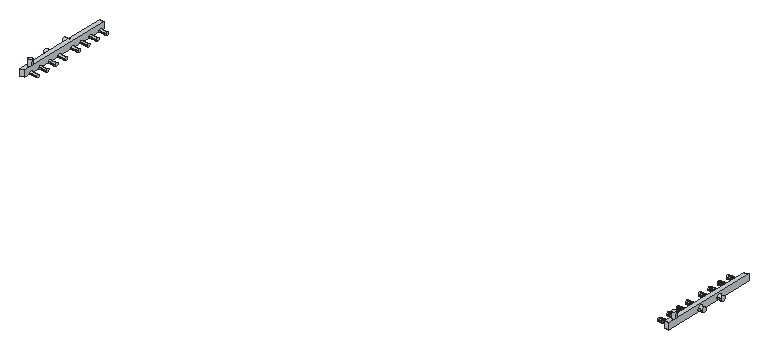
Revit family "INFRA_AQUA_ECO_CONNECTOR_TYPE_2", category Mechanical Equipment, Revit 2015
Parameters (values of type "Type 2 L=4000")
  URL = "http://www.markclimate.co.uk/radiant-heating/water-supplied/infra-aqua-eco/"
  Type_index = 8
  Thickness = 30 mm
  Width = 636 mm
  Pressure_loss = 0.0 psi
  Medium_overtemp_num [instance] = Average_water_temperature °C - Area_temperature °C  # 32
  Manufacturer = "MARK Climate Technology"  # constant formula
  Lookup_table_name [instance] = "Warmteafgiftetabel"  # constant formula
  Length = 4000 mm
  K [instance] = Average_water_temperature °C - Area_temperature °C  # 32
  Height = 40 mm
  Heating_output_num [instance] = size_lookup(Lookup_table_name, "PHR2", 0, Medium_overtemp_num)  # 209.2
  Heating_output [instance] = Length / 1000 mm * Heating_output_num * 1 W  # 836.8 W
  Flow = Type_index * 0.04 L/s  # 0.32 L/s
  Drain_point [instance] = yes
  Description = "Connector type 2"  # constant formula
  Average_water_temperature °C [instance] = 54
  Area_temperature °C [instance] = 22
Types (3, lengths in mm): name | Medium_overtemp_num | Length | K | Heating_output_num | Heating_output | Area_temperature °C
  (no name) | 32 | 4000 | 32 | 209.2 | 836.8 W | 22
  Type 2 L=4000 | 32 | 4000 | 32 | 209.2 | 836.8 W | 22
  Type 2 L=6000 | 36 | 6000 | 36 | 240 | 1440 W | 18
Reference planes
  plane 1 "Center (Front/Back)": y = 0
  plane 2: z = 0
  plane 3 "Center (Left/Right)": x = 0
  plane 4: y = 202.5
  plane 5: y = 277.5
  plane 6: y = 127.5
  plane 7: y = 52.5
  plane 8: y = 76
  plane 9: y = -76
  plane 10: x = 30
  plane 11: y = 318
  plane 12: y = -318
  plane 13: z = 28
  plane 14: z = -12
  plane 15: x = 82.5
  plane 16: x = 4082.5
  plane 17: x = 4135
  plane 18: x = 4165
  plane 19: z = -3.6
  plane 20: y = -277.5
  plane 21: y = -202.5
  plane 22: y = -127.5
  plane 23: y = -52.5
Forms (mm)
  Extrusion 1, solid
    sketch origin (12, 0, 0) x (1, 0, 0) y (0, 1, 0)
      loop
        line (-12, 0) -> (-12, -318) -> (18, -318) -> (18, 318) -> (-12, 318) -> (-12, 0)
    from -12 to 28
  Extrusion 2, solid
    sketch origin (0, 0, -23.5) x (0, 1, 0) y (0, 0, 1)
      loop
        circle (277.5, 20) r 7.5
      loop
        circle (202.5, 20) r 7.5
      loop
        circle (127.5, 20) r 7.5
      loop
        circle (52.5, 20) r 7.5
      loop
        circle (-52.5, 20) r 7.5
      loop
        circle (-127.5, 20) r 7.5
      loop
        circle (-202.5, 20) r 7.5
      loop
        circle (-277.5, 20) r 7.5
    from 30 to 82.5
  Extrusion 3, solid
    sketch origin (0, 0, -12) x (0, 1, 0) y (0, 0, 1)
      loop
        circle (76, 20) r 13.5
      loop
        circle (-76, 20) r 13.5
    from -32.5 to 0
  Extrusion 4, solid
    sketch origin (582, 0, 0) x (1, 0, 0) y (0, 1, 0)
      loop
        line (3553, 0) -> (3553, -318) -> (3583, -318) -> (3583, 318) -> (3553, 318) -> (3553, 0)
    from -12 to 28
  Extrusion 5, solid
    sketch origin (487.5, 0, -23.5) x (0, 1, 0) y (0, 0, 1)
      loop
        circle (277.5, 20) r 7.5
      loop
        circle (202.5, 20) r 7.5
      loop
        circle (127.5, 20) r 7.5
      loop
        circle (52.5, 20) r 7.5
      loop
        circle (-52.5, 20) r 7.5
      loop
        circle (-127.5, 20) r 7.5
      loop
        circle (-202.5, 20) r 7.5
      loop
        circle (-277.5, 20) r 7.5
    from 3595 to 3647.5
  Extrusion 6, solid
    sketch origin (696.5, 0, -12) x (0, 1, 0) y (0, 0, 1)
      loop
        circle (76, 20) r 13.5
      loop
        circle (-76, 20) r 13.5
    from 3468.5 to 3500.5
  Extrusion 7, solid, visible <- "Drain_point"
    sketch origin (0, 0, 0) x (1, 0, 0) y (0, 1, 0)
      loop
        circle (15, -258) r 13
    from 28 to 62
  Extrusion 8, solid, visible <- "Drain_point"
    sketch origin (0, 0, 0) x (1, 0, 0) y (0, 1, 0)
      loop
        circle (4150, -258) r 13
    from 28 to 62
Dimensions and locks
  "Thickness": plane 3 "Center (Left/Right)" to plane 10
  "Width": plane 11 to plane 12
  equal spacing: plane 11, plane 1 "Center (Front/Back)", plane 12
  "Height": plane 13 to plane 14
  locked: plane 10 to plane 15 at 52.5
  locked: Extrusion 3 to plane 3 "Center (Left/Right)" at 32.5
  locked: plane 16 to plane 17 at 52.5
  "Thickness": plane 17 to plane 18
  locked: Extrusion 4 to Extrusion 6 at 32
  "Length": plane 15 to plane 16
  equal spacing: plane 9, plane 1 "Center (Front/Back)", plane 8
  equal spacing: Extrusion 1, Extrusion 7 sketch curve, Extrusion 1
  locked: Extrusion 7 sketch curve to plane 12 at 60
  locked: Extrusion 8 sketch curve to plane 12 at 60
  equal spacing: Extrusion 4, Extrusion 8 sketch curve, Extrusion 4
  plane 12 to plane 20 to plane 21 = 40.5 mm, 75 mm
  plane 7 to plane 23 to plane 9 = 105 mm, 23.5 mm
  aligned and locked: level to plane 2
  aligned and locked: Extrusion 1 to plane 3 "Center (Left/Right)"
  aligned and locked: Extrusion 1 to plane 10
  aligned and locked: plane 11 to Extrusion 1
  aligned and locked: Extrusion 1 to plane 12
  aligned and locked: plane 13 to Extrusion 1
  aligned and locked: plane 15 to Extrusion 2
  aligned and locked: Extrusion 2 to plane 10
  aligned and locked: Extrusion 5 to plane 16
  aligned and locked: Extrusion 4 to plane 17
  aligned and locked: Extrusion 4 to plane 18
  aligned and locked: plane 19 to nested 4
  aligned and locked: plane 19 to nested 3
  aligned and locked: plane 19 to nested 2
  aligned and locked: plane 19 to nested 1
  aligned and locked: Extrusion 4 to plane 11
  aligned and locked: Extrusion 4 to plane 12
  aligned and locked: Extrusion 5 to plane 17
  aligned and locked: plane 16 to nested 4
  aligned and locked: plane 16 to Extrusion 5
  aligned and locked: plane 16 to nested 3
  aligned and locked: plane 16 to nested 1
  aligned and locked: plane 16 to nested 2
  aligned and locked: Extrusion 6 to Extrusion 4
  aligned and locked: plane 16 to nested 5
  aligned and locked: plane 16 to nested 6
  aligned and locked: plane 16 to nested 7
  aligned and locked: plane 16 to nested 8
  aligned and locked: Extrusion 7 to Extrusion 1
  aligned and locked: Extrusion 8 to Extrusion 1
  aligned and locked: plane 23 to nested 5
  aligned and locked: plane 22 to nested 6
  aligned and locked: plane 21 to nested 7
  aligned and locked: nested 8 to plane 20
  aligned and locked: nested 4 to plane 7
  aligned and locked: nested 3 to plane 6
  aligned and locked: nested 2 to plane 4
  aligned and locked: nested 1 to plane 5
Automatic sketch dimensions
  plane 1 "Center (Front/Back)" to Extrusion 1 sketch curve = 0 mm
  Extrusion 1 sketch curve to plane 3 "Center (Left/Right)" = 0 mm
  Extrusion 1 sketch curve to plane 10 = 0 mm
  Extrusion 1 sketch curve to plane 12 = 0 mm
  Extrusion 1 sketch curve to plane 11 = 0 mm
  Extrusion 3 sketch curve to plane 9 = 0 mm
  Extrusion 3 sketch curve to plane 8 = 0 mm
  level to Extrusion 3 sketch curve = 8 mm  (x2)
  plane 1 "Center (Front/Back)" to Extrusion 4 sketch curve = 0 mm
  plane 11 to Extrusion 4 sketch curve = 0 mm
  plane 12 to Extrusion 4 sketch curve = 0 mm
  plane 15 to Extrusion 4 sketch curve = 4052.5 mm
  Extrusion 4 sketch curve to Extrusion 4 sketch curve = 30 mm
  Extrusion 6 sketch curve to plane 9 = 0 mm
  Extrusion 6 sketch curve to plane 8 = 0 mm
  level to Extrusion 6 sketch curve = 8 mm  (x2)
  Extrusion 5 sketch curve to plane 20 = 0 mm
  Extrusion 5 sketch curve to plane 21 = 0 mm
  Extrusion 5 sketch curve to plane 22 = 0 mm
  Extrusion 5 sketch curve to plane 23 = 0 mm
  Extrusion 5 sketch curve to plane 7 = 0 mm
  Extrusion 5 sketch curve to plane 6 = 0 mm
  Extrusion 5 sketch curve to plane 4 = 0 mm
  Extrusion 5 sketch curve to plane 5 = 0 mm
  plane 19 to Extrusion 5 sketch curve = 0.1 mm  (x8)
  Extrusion 2 sketch curve to plane 20 = 0 mm
  Extrusion 2 sketch curve to plane 21 = 0 mm
  Extrusion 2 sketch curve to plane 22 = 0 mm
  Extrusion 2 sketch curve to plane 23 = 0 mm
  Extrusion 2 sketch curve to plane 7 = 0 mm
  Extrusion 2 sketch curve to plane 6 = 0 mm
  Extrusion 2 sketch curve to plane 4 = 0 mm
  Extrusion 2 sketch curve to plane 5 = 0 mm
  plane 19 to Extrusion 2 sketch curve = 0.1 mm  (x8)
  radius of Extrusion 3 sketch curve = 13.5 mm  (x2)
  radius of Extrusion 6 sketch curve = 13.5 mm  (x2)
  radius of Extrusion 5 sketch curve = 7.5 mm  (x8)
  radius of Extrusion 2 sketch curve = 7.5 mm  (x8)
  radius of Extrusion 7 sketch curve = 13 mm
  radius of Extrusion 8 sketch curve = 13 mm
Nested families
  nested 1: "NLRS_50_PIF_UN_perskoppeling_MARK" at (4082.5, 277.5, -3.6), type "ø15"
    with artikelnummer "", GTIN_Code "", EAN_code ""
  nested 2: "NLRS_50_PIF_UN_perskoppeling_MARK" at (4082.5, 202.5, -3.6), type "ø15"
    with artikelnummer "", GTIN_Code "", EAN_code ""
  nested 3: "NLRS_50_PIF_UN_perskoppeling_MARK" at (4082.5, 127.5, -3.6), type "ø15"
    with artikelnummer "", GTIN_Code "", EAN_code ""
  nested 4: "NLRS_50_PIF_UN_perskoppeling_MARK" at (4082.5, 52.5, -3.6), type "ø15"
    with artikelnummer "", GTIN_Code "", EAN_code ""
  nested 5: "NLRS_50_PIF_UN_perskoppeling_MARK" at (4082.5, -52.5, -3.6), type "ø15"
    with artikelnummer "", GTIN_Code "", EAN_code ""
  nested 6: "NLRS_50_PIF_UN_perskoppeling_MARK" at (4082.5, -127.5, -3.6), type "ø15"
    with artikelnummer "", GTIN_Code "", EAN_code ""
  nested 7: "NLRS_50_PIF_UN_perskoppeling_MARK" at (4082.5, -202.5, -3.6), type "ø15"
    with artikelnummer "", GTIN_Code "", EAN_code ""
  nested 8: "NLRS_50_PIF_UN_perskoppeling_MARK" at (4082.5, -277.5, -3.6), type "ø15"
    with artikelnummer "", GTIN_Code "", EAN_code ""
Connectors
  piping at (-32.5, 76, 8), diameter 27
    settings: on Extrusion 3, index 1, connector inside diameter 609.6 mm, connector length 0 mm, flow factor 0, pipe flow 0.0 L/s, pressure drop 0.0 psi, fitting loss kfactor 0, connector angle 0.00°, fixture units 0, engagement length 0 mm, angle of deflection 0.00°, flow configuration 0, flow direction 0, fitting loss method 0, system type 7, joint type 0, gender type 0, connector reference index -1, connector utility 0, adjustable connector no, is connector primary yes, connector description ""
  piping at (-32.5, -76, 8), diameter 27
    settings: on Extrusion 3, index 2, connector inside diameter 609.6 mm, connector length 0 mm, flow factor 0, pipe flow 0.0 L/s, pressure drop 0.0 psi, fitting loss kfactor 0, connector angle 0.00°, fixture units 0, engagement length 0 mm, angle of deflection 0.00°, flow configuration 0, flow direction 0, fitting loss method 0, system type 7, joint type 0, gender type 0, connector reference index -1, connector utility 0, adjustable connector no, is connector primary no, connector description ""
  piping at (4197, 76, 8), diameter 27
    settings: on Extrusion 6, index 3, connector inside diameter 609.6 mm, connector length 0 mm, flow factor 0, pipe flow 0.0 L/s, pressure drop 0.0 psi, fitting loss kfactor 0, connector angle 0.00°, fixture units 0, engagement length 0 mm, angle of deflection 0.00°, flow configuration 0, flow direction 0, fitting loss method 0, system type 8, joint type 0, gender type 0, connector reference index -1, connector utility 0, adjustable connector no, is connector primary no, connector description ""
  piping at (4197, 76, 8), diameter 27
    settings: on Extrusion 6, index 4, connector inside diameter 609.6 mm, connector length 0 mm, flow factor 0, pipe flow 0.0 L/s, pressure drop 0.0 psi, fitting loss kfactor 0, connector angle 0.00°, fixture units 0, engagement length 0 mm, angle of deflection 0.00°, flow configuration 0, flow direction 0, fitting loss method 0, system type 8, joint type 0, gender type 0, connector reference index -1, connector utility 0, adjustable connector no, is connector primary no, connector description ""
  piping at (4197, -76, 8), diameter 27
    settings: on Extrusion 6, index 5, connector inside diameter 609.6 mm, connector length 0 mm, flow factor 0, pipe flow 0.0 L/s, pressure drop 0.0 psi, fitting loss kfactor 0, connector angle 0.00°, fixture units 0, engagement length 0 mm, angle of deflection 0.00°, flow configuration 0, flow direction 0, fitting loss method 0, system type 7, joint type 0, gender type 0, connector reference index -1, connector utility 0, adjustable connector no, is connector primary no, connector description ""
Definition of nested family "NLRS_50_PIF_UN_perskoppeling_MARK"
  Parameters (values of type "ø15")
    type_index = 0
    Radius = 7.5 mm
    product_serie = ""
    material_index = 0
    Lenght = 30 mm
    artikelnummer [instance] = ""
    Type Comments = ""
    NLRS_C_materiaal = none
    Model = "LOD400"
    Manufacturer = "Mark Climate Technology"  # constant formula
    IfcExportType = "UNION"  # constant formula
    IfcExportAs = "IfcPipeFitting"  # constant formula
    IfcDescription = Description  # "Press connection"
    GTIN_Code [instance] = ""
    EAN_code [instance] = ""
    Description = "Press connection"  # constant formula
    Date_last_modification = ""
  Reference planes
    plane 1 "Center (Front/Back)": y = 0
    plane 2: z = 0
    plane 3 "Center (Left/Right)": x = 0
  Forms (mm)
    Revolve 1, solid, material <- "NLRS_C_materiaal"
      sketch origin (0, 0, 0) x (1, 0, 0) y (0, 1, 0)
        loop
          line (-15, 7.5) -> (15, 7.5) -> (15, 9)
          arc (15, 9) -> (14, 10) -> (13, 9) r 1
          line (13, 9) -> (13, 8) -> (0.5, 8) -> (0.5, 9)
          arc (0.5, 9) -> (0, 9.5) -> (-0.5, 9) r 0.5
          line (-0.5, 9) -> (-0.5, 8) -> (-13, 8) -> (-13, 9)
          arc (-13, 9) -> (-14, 10) -> (-15, 9) r 1
          line (-15, 9) -> (-15, 7.5)
        axis (-15, 0) -> (15, 0)
      angle from 0 to 360
  Text (mm)
    text "®  Itannex" at (-0.074, 40.744, 0), in view "Ref. Level"
  Dimensions and locks
    "Radius": plane 1 "Center (Front/Back)" to Revolve 1 sketch curve
    Revolve 1 sketch curve to Revolve 1 sketch curve = 0.5 mm
    equal spacing: Revolve 1 sketch curve, plane 3 "Center (Left/Right)", Revolve 1 sketch curve
    Revolve 1 sketch curve to Revolve 1 sketch curve = 1.5 mm  (x3)
    "Lenght": Revolve 1 sketch curve to Revolve 1 sketch curve
    aligned and locked: level to plane 2
  Automatic sketch dimensions
    plane 1 "Center (Front/Back)" to Revolve 1 sketch curve = 0 mm
    Revolve 1 sketch curve to plane 3 "Center (Left/Right)" = 0 mm
    Revolve 1 sketch curve to Revolve 1 sketch curve = 1 mm  (x2)
    Revolve 1 sketch curve to plane 3 "Center (Left/Right)" = 0.5 mm
    Revolve 1 sketch curve to Revolve 1 sketch curve = 2 mm
    Revolve 1 sketch curve to Revolve 1 sketch curve = 3.224 mm
    Revolve 1 sketch curve to Revolve 1 sketch curve = 5.775 mm
